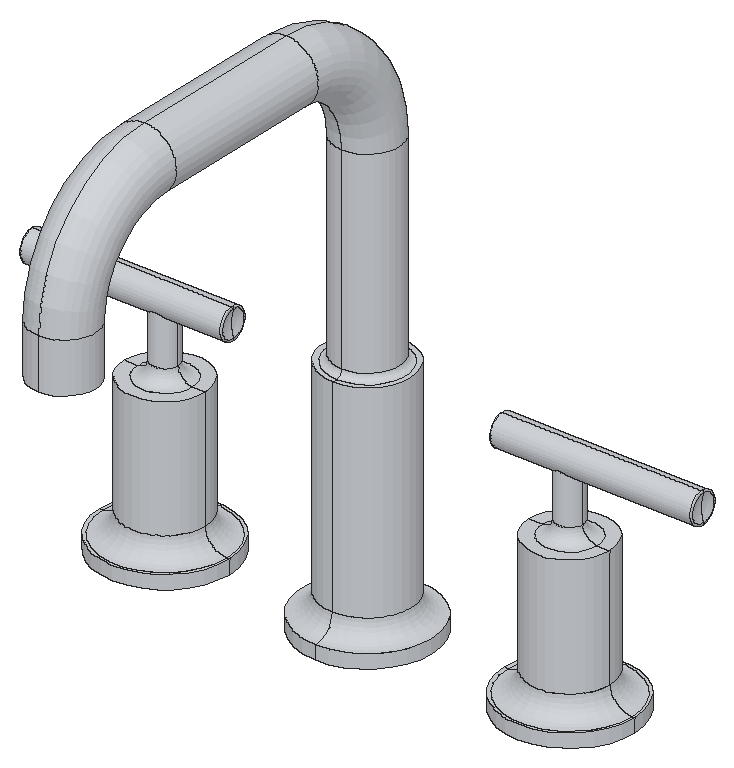
Revit family "Faucet-Deck_Mount-Bath-KOHLER-Purist-K-14428A_1", category Plumbing Fixtures, host Face, Revit 2017
Family settings
  Host = Face
  Round Connector Dimension = Use Diameter
  Part Type = Normal
  OmniClass Number = 23.31.11.00
  OmniClass Title = Faucets
  Cut with Voids When Loaded = No
  Shared = No
  Room Calculation Point = No
Parameters (values of type "CP-Polished Chrome")
  Width [instance] = Faucet Hole Spacing  # 8"
  WaterSense Certified = 1 = 0  # no
  Waste Water Outlet = "Waste Water Outlet"  # constant formula
  Waste Connection = 1 = 0  # no
  Vent Connection = 1 = 0  # no
  URL = "https://www.kohlerasiapacific.com/"
  Type = 1
  Spout Reach = 7 1/2"  # constant formula
  Product Page URL = ""
  Product Name = "Purist"  # constant formula
  Product Documentation Link = ""
  Pressure = 0.00 psi
  Model = if(Type = 1, "K-14428A-4-CP", if(Type = 2, "K-14428A-4-BN", if(Type = 3, "K-14428A-4-RGD", if(Type = 4, "K-14428A-4-BV", if(Type = 5, "K-14428A-4-PGD", "NA")))))  # "K-14428A-4-CP"
  Material = "Premium Metal Construction"  # constant formula
  Master Format 2014 Name = "Residential Faucets, Supplies, and Trim"  # constant formula
  Master Format 2014 = "22 41 39"  # constant formula
  Manufacturer Address = "No. 158 Jiang Chang San Road, Zhabei District, Shanghai, China"  # constant formula
  Manufacturer = "KOHLER Co."  # constant formula
  Length = Spout Reach  # 7 1/2"
  Hot Water Inlet = "Hot Water Inlet"  # constant formula
  Height = 11 3/8"  # constant formula
  Handle Clearance = 2 5/8"  # constant formula
  HW Connection = 1 = 1  # yes
  Flow Rate = 0 GPM
  Finish = Kohler-Metal-CP-Polished_Chrome
  Faucet Hole Spacing [instance] = 8"
  Environmental Product Declaration = ""
  Drain Included = 1 = 0  # no
  Description = "2-handle 3-hole deck-mount bath filler, lever handle"  # constant formula
  Default Elevation = 36"
  Declare Label = ""
  Date Modified = "07/30/2020"  # constant formula
  Date Created = "07/30/2020"  # constant formula
  Copyright = "Copyright KOHLER Co."  # constant formula
  Contact Us = "https://www.kohlerasiapacific.com/contact-us"
  Cold Water Inlet = "Cold Water Inlet"  # constant formula
  CW Connection = 1 = 1  # yes
  Assembly Code = "D2010"
  ADA Compliant = 1 = 0  # no
Types (6): name | Type | Model | Finish
  (no name) | 1 | "K-14428A-4-CP" | Kohler-Metal-CP-Polished_Chrome
  CP-Polished Chrome | 1 | "K-14428A-4-CP" | Kohler-Metal-CP-Polished_Chrome
  BN-Vibrant Brushed Nickel | 2 | "K-14428A-4-BN" | Kohler-Metal-BN-Vibrant_Brushed_Nickel
  RGD-Polished Rose Gold | 3 | "K-14428A-4-RGD" | Kohler-Metal-RGD-Polished_Rose_Gold
  BV-Brushed Bronze | 4 | "K-14428A-4-BV" | Kohler-Metal-BV-Brushed_Bronze
  PGD-Modern Polished Gold | 5 | "K-14428A-4-PGD" | Kohler-Metal-PGD-Modern_Polished_Gold
Reference planes (in)
  plane 1 "Center (Front/Back)": y = 0
  plane 2: z = 0
  plane 3 "Center (Left/Right)": x = 0
  plane 4: x = -4
  plane 5: x = -5.27994
  plane 6: x = -2.72006
  plane 7: x = 4
  plane 8: x = 5.27994
  plane 9: x = 2.72006
  plane 10: y = 1.75211
  plane 11: y = 1.27865
  plane 12: y = -1.75211
  plane 13: y = -1.27865
  plane 14: y = -7.5
  plane 15: z = 7.755
  plane 16: z = 4.76199
  plane 17: y = -8.125
  plane 18: z = 11.375
  plane 19: x = -0.86224
  plane 20: x = -3.20009
  plane 21: x = -4.79991
  plane 22: x = 3.20009
  plane 23: x = 4.79991
  plane 24: x = -1.28
  plane 25: x = 0.86224
  plane 26: x = 1.28
  plane 27: y = 0.80012
  plane 28: y = -0.80012
  plane 29: x = -0.62564
  plane 30: x = 0.62564
  plane 31: z = 0.26693
  plane 32: z = 3.06216
  plane 33: x = -6.625
  plane 34: x = 6.625
Dimensions and locks (in)
  equal spacing: plane 5, plane 4, plane 6
  equal spacing: plane 9, plane 7, plane 8
  locked: plane 5 to plane 6 at 2.55988
  locked: plane 9 to plane 8 at 2.55988
  "Length": plane 14 to plane 1 "Center (Front/Back)"
  equal spacing: plane 4, plane 3 "Center (Left/Right)", plane 7
  "Faucet Hole Spacing": plane 4 to plane 7
  plane 16 to level = 4.76199"
  plane 15 to host face = 7.755"
  "Height": plane 18 to level
  "Spout Reach": plane 1 "Center (Front/Back)" to plane 14
  equal spacing: plane 21, plane 4, plane 20
  equal spacing: plane 22, plane 7, plane 23
  locked: plane 21 to plane 20 at 1.59982
  locked: plane 22 to plane 23 at 1.59982
  "Handle Clearance": plane 33 to plane 4
  "Handle Clearance": plane 34 to plane 7
  aligned and locked: plane 2 to host face
  aligned and locked: level to host face
  aligned and locked: nested 2 to plane 4
  aligned and locked: plane 7 to nested 3
Automatic sketch dimensions
  host sketch curve to host sketch curve = 96"  (x2)
Nested families (in)
  nested 1: "K-14428A" at (0, 0, 0), type "K-14428A"
  nested 2: "K-14428A_Handle" at (-4, 0, 0), type "K-14428A_Handle"
  nested 3: "K-14428A_Handle" at (4, 0, 0) x (-1, 0, 0) z (0, 0, 1), type "K-14428A_Handle"
Connectors (in)
  piping at (-4, 0, 0), diameter 0.5, driven by "Flow Rate", driven by "Pressure", driven by "HW Connection", driven by "Hot Water Inlet"
    settings: on nested 2, index 1, connector inside diameter 24", connector length 0", flow factor 0, pipe flow 0 GPM, pressure drop 0.00 psi, fitting loss kfactor 0, connector angle 0.00°, fixture units 0, engagement length 0", angle of deflection 0.00°, flow configuration 0, flow direction 1, fitting loss method 0, system type 19, joint type 0, gender type 0, connector reference index -1, connector utility 1, adjustable connector no, is connector primary yes, connector description "Hot Water Inlet"
  piping at (4, 0, 0), diameter 0.5, driven by "Flow Rate", driven by "Pressure", driven by "CW Connection", driven by "Cold Water Inlet"
    settings: on nested 3, index 2, connector inside diameter 24", connector length 0", flow factor 0, pipe flow 0 GPM, pressure drop 0.00 psi, fitting loss kfactor 0, connector angle 0.00°, fixture units 0, engagement length 0", angle of deflection 0.00°, flow configuration 0, flow direction 1, fitting loss method 0, system type 20, joint type 0, gender type 0, connector reference index -1, connector utility 1, adjustable connector no, is connector primary no, connector description "Cold Water Inlet"
Definition of nested family "K-14428A"
  Parameters (values of type "K-14428A")
    Material = none
  Reference planes (in)
    plane 1 "Center (Front/Back)": y = 0
    plane 2: z = 0
    plane 3 "Center (Left/Right)": x = 0
    plane 4: z = 11.37095
    plane 5: z = 10.1212
    plane 6: x = -1.28
    plane 7: x = 1.28
    plane 8: z = 11.37136
    plane 9: y = -7.49984
    plane 10: z = 7.755
    plane 11: z = 8.74396
    plane 12: y = -8.12563
    plane 13: y = 1.28
    plane 14: y = -1.28
    plane 15: z = 4.82497
  Forms (in)
    Revolve 1, solid, material <- "Material", detail levels medium+fine
      sketch origin (0, 0, 0) x (0, 1, 0) y (0, 0, 1)
        loop
          line (0, 0) -> (1.28, 0) -> (1.28, 0.2705)
          arc (1.28, 0.2705) -> (0.9859, 0.37957) -> (0.86225, 0.66784) r 0.39784
          line (0.86225, 0.66784) -> (0.86225, 4.74) -> (0.75455, 4.74)
          arc (0.75455, 4.74) -> (0.6634, 4.77776) -> (0.62564, 4.86891) r 0.12891
          line (0.62564, 4.86891) -> (0.62564, 5.10374) -> (0, 5.10374) -> (0, 0)
        axis (0, 5.10374) -> (0, 0)
      angle from 0 to 360
    Sweep 2, solid, material <- "Material", detail levels medium+fine
      path origin (0, 0, 0) x (0, 1, 0) y (0, 0, 1)
        loop
          line (0, 3.74531) -> (0, 8.74531)
          arc (0, 8.74531) -> (-0.58578, 10.15952) -> (-2, 10.74531) r 2
          line (-2, 10.74531) -> (-5.5, 10.74531)
          arc (-5.5, 10.74531) -> (-6.91421, 10.15952) -> (-7.5, 8.74531) r 2
          line (-7.5, 8.74531) -> (-7.5, 7.755)
      profile origin (0, -0.58578, 10.15952) x (0, -0.707107, -0.707107) y (1, 0, 0)
        loop
          circle (0, 0) r 0.62564
    Revolve 3, solid, material <- "Material", detail levels medium+fine
      sketch origin (0, 0, 0) x (0, 1, 0) y (0, 0, 1)
        loop
          line (0.7625, 1.09) -> (0.90042, 1.09)
          arc (0.90042, 1.09) -> (0.89043, 1.17711) -> (0.86216, 1.2601) r 0.41056
          arc (0.86216, 1.2601) -> (0.85014, 1.26853) -> (0.83683, 1.26233) r 0.01468
          line (0.83683, 1.26233) -> (0.8069, 1.21958) -> (0.7625, 1.21958) -> (0.7625, 1.09)
        axis (0.90042, 1.09) -> (0.7625, 1.09)
      angle from 0 to 360
    Revolve 4, solid, material <- "Material", detail levels coarse
      sketch origin (0, 0, 0) x (0, 1, 0) y (0, 0, 1)
        loop
          line (0, 0) -> (1.28, 0) -> (1.28, 0.2705) -> (0.85551, 0.2705) -> (0.85551, 4.74) -> (0.50064, 4.74) -> (0.50064, 6.08874) -> (0, 6.08874) -> (0, 0)
        axis (0, 6.08874) -> (0, 0)
      angle from 0 to 360
    Sweep 5, solid, material <- "Material", detail levels coarse
      path origin (0, 0, 0) x (0, 1, 0) y (0, 0, 1)
        loop
          line (0, 3.99) -> (0, 8.73394)
          arc (0, 8.73394) -> (-0.58922, 10.15644) -> (-2.01172, 10.74566) r 2.01172
          line (-2.01172, 10.74566) -> (-5.5, 10.74566)
          arc (-5.5, 10.74566) -> (-6.91421, 10.15987) -> (-7.5, 8.74566) r 2
          line (-7.5, 8.74566) -> (-7.5, 7.755)
      profile origin (0, 0, 6.36197) x (0, -1, 0) y (1, 0, 0)
        loop
          circle (0, 0) r 0.62564
  Cuts and joins
    joined: Revolve 4, Sweep 5
    joined: Revolve 1, Sweep 2
  Lines and regions (in)
    Masking region 1
      outline origin (0, 0, 0) x (0, 1, 0) y (0, 0, 1)
        loop
          line (0, 0) -> (1.28, 0) -> (1.28, 0.2705)
          arc (1.28, 0.2705) -> (0.999, 0.36721) -> (0.86224, 0.63105) r 0.40003
          line (0.86224, 0.63105) -> (0.86224, 0.92017)
          arc (0.86224, 0.92017) -> (0.89925, 1.09162) -> (0.86225, 1.26306) r 0.41561
          line (0.86225, 1.26306) -> (0.86225, 4.74) -> (0.74249, 4.74)
          arc (0.74249, 4.74) -> (0.67108, 4.76462) -> (0.62564, 4.82497) r 0.12918
          line (0.62564, 4.82497) -> (0.62564, 8.74617)
          arc (0.62564, 8.74617) -> (-0.14314, 10.60217) -> (-1.99914, 11.37095) r 2.62478
          line (-1.99914, 11.37095) -> (-5.49939, 11.37095)
          arc (-5.49939, 11.37095) -> (-7.35586, 10.60197) -> (-8.12484, 8.7455) r 2.62545
          line (-8.12484, 8.7455) -> (-8.12484, 7.755) -> (-6.87484, 7.755) -> (-6.87484, 8.74318)
          arc (-6.87484, 8.74318) -> (-6.47122, 9.71759) -> (-5.49681, 10.1212) r 1.37802
          line (-5.49681, 10.1212) -> (-1.99987, 10.1212)
          arc (-1.99987, 10.1212) -> (-1.02814, 9.7187) -> (-0.62564, 8.74697) r 1.37423
          line (-0.62564, 8.74697) -> (-0.62564, 4.82497)
          arc (-0.62564, 4.82497) -> (-0.67108, 4.76462) -> (-0.74249, 4.74) r 0.12918
          line (-0.74249, 4.74) -> (-0.86225, 4.74) -> (-0.86225, 0.63105)
          arc (-0.86225, 0.63105) -> (-0.999, 0.36721) -> (-1.28, 0.2705) r 0.40003
          line (-1.28, 0.2705) -> (-1.28, 0) -> (0, 0)
    Masking region 2
      outline origin (0, 0, 0) x (1, 0, 0) y (0, 0, 1)
        loop
          line (0, 0) -> (1.28, 0) -> (1.28, 0.2705)
          arc (1.28, 0.2705) -> (0.99321, 0.37065) -> (0.86363, 0.6454) r 0.39278
          line (0.86363, 0.6454) -> (0.86363, 4.74) -> (0.75038, 4.74)
          arc (0.75038, 4.74) -> (0.67491, 4.76326) -> (0.62564, 4.82497) r 0.13405
          line (0.62564, 4.82497) -> (0.62564, 10.74742)
          arc (0.62564, 10.74742) -> (0, 11.37306) -> (-0.62564, 10.74742) r 0.62564
          line (-0.62564, 10.74742) -> (-0.62564, 4.82497)
          arc (-0.62564, 4.82497) -> (-0.67491, 4.76326) -> (-0.75038, 4.74) r 0.13405
          line (-0.75038, 4.74) -> (-0.86363, 4.74) -> (-0.86363, 0.6454)
          arc (-0.86363, 0.6454) -> (-0.99321, 0.37065) -> (-1.28, 0.2705) r 0.39278
          line (-1.28, 0.2705) -> (-1.28, 0) -> (0, 0)
    Masking region 3
      outline origin (0, 0, 0) x (1, 0, 0) y (0, 1, 0)
        loop
          arc (0.62564, -1.11668) -> (0, 1.28) -> (-0.62564, -1.11668) r 1.28
          line (-0.62564, -1.11668) -> (-0.62564, -7.50063)
          arc (-0.62564, -7.50063) -> (0, -8.12627) -> (0.62564, -7.50063) r 0.62564
          line (0.62564, -7.50063) -> (0.62564, -1.11668)
    symbolic lines, detail levels medium+fine
      curve 1: line (0, -6.87484, 8.74396) -> (0, -8.12484, 8.74396)
      curve 2: line (0, 1.28, 0.2705) -> (0, -1.28, 0.2705)
      curve 3: line (0, 0.74249, 4.74) -> (0, -0.74249, 4.74)
      curve 4: line (0, 0.62564, 4.82497) -> (0, -0.62564, 4.82497)
      curve 5: line (-0.62564, 0, 8.74584) -> (0.62564, 0, 8.74584)
      curve 6: line (-0.62564, 0, 7.755) -> (0.62564, 0, 7.755)
      curve 7: line (0, 0, 4.74) -> (-0.86224, 0, 4.74)
      curve 8: line (0.86224, 0, 4.74) -> (0, 0, 4.74)
      curve 9: line (-1.28, 0, 0.2705) -> (1.28, 0, 0.2705)
      curve 10: line (-0.62564, 0, 4.82497) -> (0.62564, 0, 4.82497)
      curve 11: arc (0.62564, -0.59333, 0) -> (0, 0.86225, 0) -> (-0.62564, -0.59333, 0) r 0.86224
      curve 12: arc (-0.62564, -0.41361, 0) -> (0, 0.75, 0) -> (0.62564, -0.41361, 0) r 0.75
      curve 13: arc (-0.62564, 0, 0) -> (0, 0.62564, 0) -> (0.62564, 0, 0) r 0.62564
      curve 14: line (0.62564, 0, 0) -> (0.62564, -1.11668, 0)
      curve 15: line (-0.62564, 0, 0) -> (-0.62564, -1.11668, 0)
      curve 16: arc (0, 0.86224, 0.92017) -> (0, 0.8426, 1.09162) -> (0, 0.86225, 1.26306) r 0.75796
  Dimensions and locks (in)
    aligned and locked: plane 2 to level
Definition of nested family "K-14428A_Handle"
  Parameters (values of type "K-14428A_Handle")
    Material = none
  Reference planes (in)
    plane 1 "Center (Front/Back)": y = 0
    plane 2: z = 0
    plane 3 "Center (Left/Right)": x = 0
    plane 4: x = -2.63856
    plane 5: x = -1.27994
    plane 6: x = 1.27994
    plane 7: z = 4.76199
    plane 8: y = 1.27994
    plane 9: y = -1.27994
    plane 10: x = -0.8
    plane 11: x = 0.8
  Forms (in)
    Revolve 1, solid, material <- "Material", detail levels medium+fine
      sketch origin (0, 0, 0) x (1, 0, 0) y (0, 0, 1)
        loop
          line (0, 0) -> (0, 4.312) -> (-0.26, 4.312) -> (-0.26, 3.342)
          arc (-0.26, 3.342) -> (-0.34201, 3.14401) -> (-0.54, 3.062) r 0.28
          line (-0.54, 3.062) -> (-0.8, 3.062) -> (-0.8, 0.69065)
          arc (-0.8, 0.69065) -> (-0.9232, 0.3932) -> (-1.22065, 0.27) r 0.42065
          line (-1.22065, 0.27) -> (-1.27994, 0.27) -> (-1.27994, 0) -> (0, 0)
        axis (0, 4.312) -> (0, 0)
      angle from 0 to 360
    Revolve 2, solid, material <- "Material", detail levels medium+fine
      sketch origin (0, 0, 0) x (1, 0, 0) y (0, 0, 1)
        loop
          line (-2.58806, 4.46162) -> (1.30202, 4.46162)
          arc (1.30202, 4.46162) -> (1.31516, 4.59815) -> (1.35009, 4.73078) r 0.84963
          arc (1.35009, 4.73078) -> (1.3471, 4.7521) -> (1.32798, 4.76199) r 0.02344
          line (1.32798, 4.76199) -> (-2.61401, 4.76199)
          arc (-2.61401, 4.76199) -> (-2.63314, 4.7521) -> (-2.63612, 4.73078) r 0.02344
          arc (-2.63612, 4.73078) -> (-2.60119, 4.59815) -> (-2.58806, 4.46162) r 0.84963
        axis (-2.63612, 4.46162) -> (1.35009, 4.46162)
      angle from 0 to 360
    Revolve 3, solid, material <- "Material", detail levels coarse
      sketch origin (0, 0, 0) x (1, 0, 0) y (0, 0, 1)
        loop
          line (0, 0) -> (0, 4.312) -> (-0.26, 4.312) -> (-0.26, 3.062) -> (-0.8, 3.062) -> (-0.8, 0.27) -> (-1.27994, 0.27) -> (-1.27994, 0) -> (0, 0)
        axis (0, 4.312) -> (0, 0)
      angle from 0 to 360
    Revolve 4, solid, material <- "Material", detail levels coarse
      sketch origin (0, 0, 0) x (1, 0, 0) y (0, 0, 1)
        loop
          line (-2.63648, 4.46162) -> (1.34178, 4.46162) -> (1.34178, 4.76199) -> (-2.63648, 4.76199) -> (-2.63648, 4.46162)
        axis (-2.63648, 4.46162) -> (1.34178, 4.46162)
      angle from 0 to 360
    Extrusion 5, solid, material <- "Material", detail levels medium+fine
      sketch origin (0, 0, 0) x (1, 0, 0) y (0, 1, 0)
        loop
          circle (0, 0) r 0.25
      from 0 to 0.12087
  Lines and regions (in)
    Masking region 1
      outline origin (0, 0, 0) x (1, 0, 0) y (0, 0, 1)
        loop
          line (0, 0) -> (1.27994, 0) -> (1.27994, 0.27)
          arc (1.27994, 0.27) -> (0.93456, 0.38349) -> (0.79998, 0.72122) r 0.42945
          line (0.79998, 0.72122) -> (0.79998, 3.06215) -> (0.53922, 3.06215)
          arc (0.53922, 3.06215) -> (0.34175, 3.14394) -> (0.25996, 3.3414) r 0.27926
          line (0.25996, 3.3414) -> (0.25996, 4.16129) -> (1.33292, 4.16129)
          arc (1.33292, 4.16129) -> (1.3468, 4.16704) -> (1.35255, 4.18092) r 0.01962
          line (1.35255, 4.18092) -> (1.35255, 4.74224)
          arc (1.35255, 4.74224) -> (1.34676, 4.7562) -> (1.3328, 4.76198) r 0.01974
          line (1.3328, 4.76198) -> (-2.61882, 4.76198)
          arc (-2.61882, 4.76198) -> (-2.63278, 4.7562) -> (-2.63856, 4.74224) r 0.01974
          line (-2.63856, 4.74224) -> (-2.63856, 4.18087)
          arc (-2.63856, 4.18087) -> (-2.63281, 4.167) -> (-2.61894, 4.16125) r 0.01962
          line (-2.61894, 4.16125) -> (-0.26001, 4.16125) -> (-0.26001, 3.3414)
          arc (-0.26001, 3.3414) -> (-0.34273, 3.14301) -> (-0.5419, 3.06216) r 0.27926
          line (-0.5419, 3.06216) -> (-0.79998, 3.06216) -> (-0.79998, 0.72122)
          arc (-0.79998, 0.72122) -> (-0.93456, 0.38349) -> (-1.27994, 0.27) r 0.42945
          line (-1.27994, 0.27) -> (-1.27994, 0) -> (0, 0)
    Masking region 2
      outline origin (0, 0, 0) x (0, 1, 0) y (0, 0, 1)
        loop
          line (0, 0) -> (1.27994, 0) -> (1.27994, 0.27)
          arc (1.27994, 0.27) -> (0.93456, 0.38349) -> (0.79999, 0.72122) r 0.42945
          line (0.79999, 0.72122) -> (0.79999, 3.06216) -> (0.55118, 3.06216)
          arc (0.55118, 3.06216) -> (0.3452, 3.14142) -> (0.25902, 3.3446) r 0.2826
          line (0.25902, 3.3446) -> (0.25902, 4.31083)
          arc (0.25902, 4.31083) -> (-0.00096, 4.76199) -> (-0.25805, 4.30917) r 0.29994
          line (-0.25805, 4.30917) -> (-0.25805, 3.3446)
          arc (-0.25805, 3.3446) -> (-0.34082, 3.14477) -> (-0.54065, 3.062) r 0.2826
          line (-0.54065, 3.062) -> (-0.79998, 3.062) -> (-0.79998, 0.72122)
          arc (-0.79998, 0.72122) -> (-0.93456, 0.38349) -> (-1.27994, 0.27) r 0.42945
          line (-1.27994, 0.27) -> (-1.27994, 0) -> (0, 0)
    Masking region 3
      outline origin (0, 0, 0) x (1, 0, 0) y (0, 1, 0)
        loop
          line (-1.24413, 0.30065) -> (-2.61889, 0.30065)
          arc (-2.61889, 0.30065) -> (-2.6328, 0.29489) -> (-2.63856, 0.28098) r 0.01967
          line (-2.63856, 0.28098) -> (-2.63856, 0) -> (-2.63856, -0.28098)
          arc (-2.63856, -0.28098) -> (-2.6328, -0.29489) -> (-2.61889, -0.30065) r 0.01967
          line (-2.61889, -0.30065) -> (-1.24413, -0.30065)
          arc (-1.24413, -0.30065) -> (0, -1.27994) -> (1.24413, -0.30065) r 1.27994
          line (1.24413, -0.30065) -> (1.33287, -0.30065)
          arc (1.33287, -0.30065) -> (1.34677, -0.29489) -> (1.35254, -0.28098) r 0.01967
          line (1.35254, -0.28098) -> (1.35254, 0) -> (1.35254, 0.28098)
          arc (1.35254, 0.28098) -> (1.34677, 0.29489) -> (1.33287, 0.30065) r 0.01967
          line (1.33287, 0.30065) -> (1.24413, 0.30065)
          arc (1.24413, 0.30065) -> (0, 1.27994) -> (-1.24413, 0.30065) r 1.27994
    symbolic lines, detail levels medium+fine
      curve 1: arc (-0.74161, 0.30002, 0) -> (0, 0.8, 0) -> (0.74161, 0.30002, 0) r 0.8
      curve 2: arc (0.74259, -0.29758, 0) -> (0, -0.8, 0) -> (-0.74259, -0.29758, 0) r 0.8
      curve 3: line (1.24486, 0.30002, 0) -> (-1.24428, 0.30002, 0)
      curve 4: line (1.24486, -0.29758, 0) -> (-1.24487, -0.29758, 0)
      curve 5: line (-1.22871, 0, 0.26693) -> (1.22871, 0, 0.26693)
      curve 6: line (0, 1.22871, 0.26693) -> (0, -1.22871, 0.26693)
      curve 7: arc (-0.26002, 0, 4.16131) -> (0, 0, 4.28278) -> (0.26002, 0, 4.16131) r 0.33904
      curve 8: arc (0, 0.26, 4.31252) -> (0, 0, 4.16212) -> (0, -0.26, 4.31252) r 0.29994
      curve 9: line (0, 0.5426, 3.062) -> (0, -0.5426, 3.062)
      curve 10: line (-0.5419, 0, 3.06216) -> (0.54186, 0, 3.06216)
  Dimensions and locks (in)
    aligned and locked: plane 2 to level
